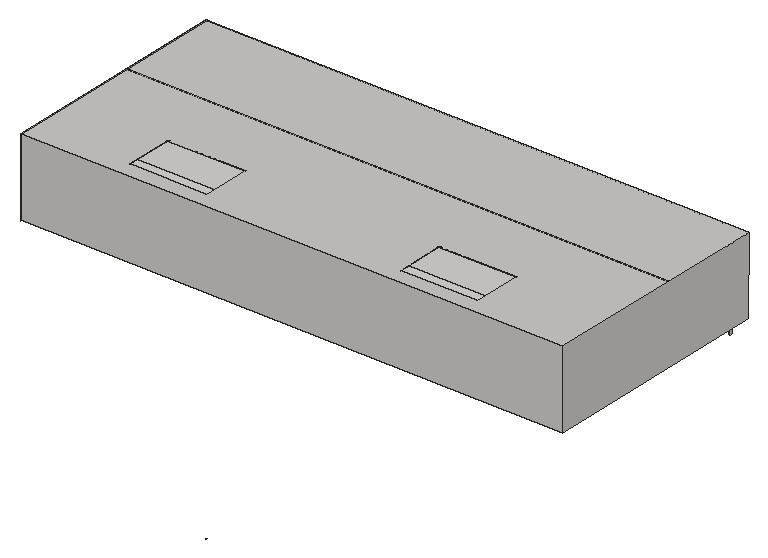
Revit family "QF_ELECTROLUXPROFESSIONAL_643324_DK1228", category Specialty Equipment, Revit 2014
Reference planes
  plane 1: z = 0
  plane 2 "Center (Left/Right)": x = 150
  plane 3 "LEFT": x = -1250
  plane 4 "RIGHT": x = 1550
  plane 5 "BACK": y = 550
  plane 6 "TOP": z = 2400
  plane 7 "Base": z = 2000
  plane 8: z = 1970
  plane 9 "DrainY": y = 450
  plane 10: x = -1247
  plane 11: y = -320
  plane 12: y = -570
  plane 13 "DrainX": x = 1537
  plane 14 "AOLeft2": x = -350
  plane 15 "AORight1": x = 650
  plane 16: x = 1547
  plane 17: x = -1050
  plane 18: x = 1350
  plane 19 "Center (Front/Back)": y = -50
  plane 20 "Front": y = -650
  plane 21: x = 50
  plane 22: x = 250
  plane 23 "AOLeft1": x = -750
  plane 24 "AORight2": x = 1050
Forms (mm)
  Extrusion 1, solid, material "QF_Finishes_Stainless Steel"
    sketch origin (-1250, 0, 360) x (0, 1, 0) y (0, 0, 1)
      loop
        line (550, 1640) -> (550, 2040) -> (-650, 2040) -> (-650, 1640) -> (550, 1640)
    from 0 to 3
  Extrusion 2, solid, material "QF_Finishes_Stainless Steel"
    sketch origin (1550, 0, 360) x (0, 1, 0) y (0, 0, 1)
      loop
        line (550, 1640) -> (550, 2040) -> (-650, 2040) -> (-650, 1640) -> (550, 1640)
    from 0 to -3
  Extrusion 3, solid, material "QF_Finishes_Stainless Steel"
    sketch origin (150, 0, 360) x (0, 1, 0) y (0, 0, 1)
      loop
        line (-650, 2040) -> (-650, 1640) -> (-640, 1640) -> (-640, 1640.8) -> (-649.2, 1640.8) -> (-649.2, 2039.19) -> (549.2, 2039.19) -> (549.2, 1640.8) -> (540, 1640.8) -> (540, 1640) -> (550, 1640) -> (550, 2040) -> (-650, 2040)
    from -1400 to 1400
  Extrusion 4, solid, material "QF_Finishes_Stainless Steel"
    sketch origin (0, 0, 2000) x (0, 1, 0) y (-1, 0, 0)
      loop
        circle (450, -1537) r 4.763
    from -30 to 0
  Extrusion 5, void
    sketch origin (0, 0, 2400) x (0, 1, 0) y (-1, 0, 0)
      loop
        line (-320, 350) -> (-320, 750) -> (-570, 750) -> (-570, 350) -> (-320, 350)
    from 0 to -10
  Extrusion 6, solid, material "QF_Finishes_Stainless Steel"
    sketch origin (0, 0, 0) x (1, 0, 0) y (0, 1, 0)
      loop
        line (-1250, 550) -> (-1250, 549) -> (-1249, 549) -> (-1249, 550) -> (-1250, 550)
    from 0 to 1
  Sweep 7, solid, material "QF_Finishes_Stainless Steel"
    path origin (0, 0, 0) x (1, 0, 0) y (0, 1, 0)
      loop
        line (1550, 550) -> (-1250, 550) -> (-1250, -650) -> (1550, -650) -> (1550, 550)
    profile origin (1550, -50, 0) x (1, 0, 0) y (0, 0, 1)
      loop
        line (-3, 2000) -> (-3, 2000.8) -> (-19, 2000.8) -> (-19, 2010) -> (-20, 2010) -> (-20, 2000) -> (-3, 2000)
  Extrusion 8, solid, material "QF_Finishes_Stainless Steel"
    sketch origin (150, 0, 0) x (0, 1, 0) y (0, 0, 1)
      loop
        line (35, 2399.19) -> (34.2, 2399.19) -> (34.2, 2329.838) -> (-320.309, 2254.485) -> (-614.003, 2066.672) -> (-614.003, 2000.8) -> (-613.203, 2000.8) -> (-613.203, 2066.234) -> (-320, 2253.732) -> (35, 2329.19) -> (35, 2399.19)
    from -1397 to 1397
  Extrusion 9, void
    sketch origin (1134.605, 0, 2400) x (0, 1, 0) y (-1, 0, 0)
      loop
        line (-320, 84.605) -> (-320, 484.605) -> (-570, 484.605) -> (-570, 84.605) -> (-320, 84.605)
    from 0 to -10
Cuts and joins
  Extrusion 5, Extrusion 9 cuts Extrusion 3
  joined: Extrusion 2, Extrusion 3, Sweep 7
Lines and regions (mm)
  symbolic lines, style "SpecialityEquipment", detail levels coarse
    curve 1: line (1550, 550, 2400) -> (-1250, 550, 2400)
    curve 2: line (-1250, 550, 2400) -> (-1250, -650, 2400)
    curve 3: line (1550, -650, 2400) -> (1550, 550, 2400)
    curve 4: line (-1250, 550, 0) -> (1550, -650, 0)
    curve 5: line (1550, 550, 0) -> (-1250, -650, 0)
    curve 6: line (-1250, -650, 0) -> (1550, -650, 0)
    curve 7: line (-350, -320, 0) -> (-750, -320, 0)
    curve 8: line (-350, -570, 0) -> (-350, -320, 0)
    curve 9: line (-750, -570, 0) -> (-350, -570, 0)
    curve 10: line (-750, -320, 0) -> (-750, -570, 0)
    curve 11: line (650, -320, 0) -> (650, -570, 0)
    curve 12: line (1050, -320, 0) -> (650, -320, 0)
    curve 13: line (1050, -570, 0) -> (1050, -320, 0)
    curve 14: line (650, -570, 0) -> (1050, -570, 0)
Dimensions and locks
  plane 3 "LEFT" to plane 4 "RIGHT" = 2800 mm
  equal spacing: plane 3 "LEFT", plane 2 "Center (Left/Right)", plane 4 "RIGHT"
  plane 7 "Base" to plane 8 = 30 mm
  plane 5 "BACK" to plane 9 "DrainY" = 100 mm  (x2)
  plane 3 "LEFT" to plane 10 = 3 mm
  plane 13 "DrainX" to plane 4 "RIGHT" = 13 mm
  plane 16 to plane 4 "RIGHT" = 3 mm
  plane 3 "LEFT" to plane 17 = 200 mm
  plane 18 to plane 4 "RIGHT" = 200 mm
  locked: plane 14 "AOLeft2" to plane 15 "AORight1" at 1000
  equal spacing: plane 14 "AOLeft2", plane 2 "Center (Left/Right)", plane 15 "AORight1"
  locked: plane 7 "Base" to level at 2000
  locked: plane 6 "TOP" to plane 7 "Base" at 400
  plane 5 "BACK" to plane 20 "Front" = 1200 mm  (x2)
  equal spacing: plane 5 "BACK", plane 19 "Center (Front/Back)", plane 20 "Front"
  locked: plane 21 to plane 22 at 200
  equal spacing: plane 21, plane 2 "Center (Left/Right)", plane 22
  plane 12 to plane 20 "Front" = 80 mm
  locked: plane 11 to plane 12 at 250
  locked: plane 23 "AOLeft1" to plane 14 "AOLeft2" at 400
  locked: plane 15 "AORight1" to plane 24 "AORight2" at 400
  aligned and locked: level to plane 1
  aligned and locked: plane 4 "RIGHT" to Extrusion 3
  aligned and locked: Extrusion 3 to plane 3 "LEFT"
  aligned and locked: Extrusion 5 to plane 12
  aligned and locked: Extrusion 5 to plane 11
  aligned and locked: Extrusion 2 to plane 16
  aligned and locked: Extrusion 8 to plane 10
  aligned and locked: plane 16 to Extrusion 8
  aligned and locked: Extrusion 5 to plane 23 "AOLeft1"
  aligned and locked: Extrusion 5 to plane 14 "AOLeft2"
  aligned and locked: plane 24 "AORight2" to Extrusion 9
  aligned and locked: plane 15 "AORight1" to Extrusion 9
Automatic sketch dimensions
  Extrusion 1 sketch curve to plane 7 "Base" = 0 mm
  Extrusion 1 sketch curve to plane 20 "Front" = 0 mm
  Extrusion 1 sketch curve to plane 5 "BACK" = 0 mm
  Extrusion 1 sketch curve to plane 6 "TOP" = 0 mm
  Extrusion 2 sketch curve to plane 7 "Base" = 0 mm
  Extrusion 2 sketch curve to plane 20 "Front" = 0 mm
  Extrusion 2 sketch curve to plane 5 "BACK" = 0 mm
  Extrusion 2 sketch curve to plane 6 "TOP" = 0 mm
  Extrusion 3 sketch curve to plane 6 "TOP" = 0 mm
  Extrusion 3 sketch curve to plane 20 "Front" = 0 mm
  Extrusion 3 sketch curve to plane 7 "Base" = 0 mm  (x2)
  Extrusion 3 sketch curve to plane 5 "BACK" = 0 mm
  plane 20 "Front" to Extrusion 3 sketch curve = 0.8 mm
  Extrusion 3 sketch curve to Extrusion 3 sketch curve = 9.2 mm
  plane 7 "Base" to Extrusion 3 sketch curve = 0.8 mm  (x2)
  Extrusion 3 sketch curve to plane 5 "BACK" = 10 mm
  Extrusion 3 sketch curve to plane 5 "BACK" = 0.8 mm
  Extrusion 3 sketch curve to plane 6 "TOP" = 0.81 mm
  Extrusion 4 sketch curve to plane 9 "DrainY" = 0 mm
  Extrusion 4 sketch curve to plane 13 "DrainX" = 0 mm
  Extrusion 5 sketch curve to plane 12 = 0 mm
  plane 11 to Extrusion 5 sketch curve = 0 mm
  Extrusion 5 sketch curve to plane 14 "AOLeft2" = 0 mm
  Extrusion 5 sketch curve to plane 23 "AOLeft1" = 0 mm
  Extrusion 6 sketch curve to plane 3 "LEFT" = 0 mm
  Extrusion 6 sketch curve to plane 5 "BACK" = 0 mm
  plane 3 "LEFT" to Extrusion 6 sketch curve = 1 mm
  Extrusion 6 sketch curve to Extrusion 6 sketch curve = 1 mm
  Sweep 7 sketch curve to plane 3 "LEFT" = 0 mm
  Sweep 7 sketch curve to plane 4 "RIGHT" = 0 mm
  Sweep 7 sketch curve to plane 20 "Front" = 0 mm
  Sweep 7 sketch curve to plane 5 "BACK" = 0 mm
  profile plane to Sweep 7 sketch curve = 20 mm
  Sweep 7 sketch curve to Sweep 7 sketch curve = 1 mm
  profile plane to Sweep 7 sketch curve = 3 mm
  level to Sweep 7 sketch curve = 2000 mm
  Sweep 7 sketch curve to Sweep 7 sketch curve = 0.8 mm
  Sweep 7 sketch curve to Sweep 7 sketch curve = 9.2 mm
  Extrusion 9 sketch curve to plane 12 = 0 mm
  plane 11 to Extrusion 9 sketch curve = 0 mm
  Extrusion 9 sketch curve to plane 15 "AORight1" = 400 mm
  plane 22 to Extrusion 9 sketch curve = 400 mm
  curve 5 to plane 3 "LEFT" = 0 mm
  curve 4 to plane 3 "LEFT" = 0 mm
  curve 6 to plane 20 "Front" = 0 mm
  curve 5 to plane 4 "RIGHT" = 0 mm
  curve 6 to plane 4 "RIGHT" = 0 mm
  curve 5 to plane 5 "BACK" = 0 mm
  curve 4 to plane 5 "BACK" = 0 mm
  curve 2 to plane 3 "LEFT" = 0 mm
  curve 2 to plane 20 "Front" = 0 mm
  curve 3 to plane 4 "RIGHT" = 0 mm
  curve 3 to plane 20 "Front" = 0 mm
  curve 2 to plane 5 "BACK" = 0 mm
  plane 11 to curve 7 = 0 mm
  curve 7 to plane 23 "AOLeft1" = 0 mm
  curve 8 to plane 12 = 0 mm
  curve 8 to plane 14 "AOLeft2" = 0 mm
  plane 11 to curve 11 = 0 mm
  curve 11 to plane 15 "AORight1" = 0 mm
  curve 12 to plane 24 "AORight2" = 0 mm
  curve 13 to plane 12 = 0 mm
  Extrusion 8 sketch curve to plane 11 = 0 mm
  plane 11 to Extrusion 8 sketch curve = 0.309 mm
  plane 7 "Base" to Extrusion 8 sketch curve = 0.8 mm
  plane 20 "Front" to Extrusion 8 sketch curve = 36.797 mm
  Extrusion 8 sketch curve to Extrusion 8 sketch curve = 0.8 mm  (x2)
  plane 19 "Center (Front/Back)" to Extrusion 8 sketch curve = 84.2 mm
  Extrusion 8 sketch curve to Extrusion 8 sketch curve = 65.434 mm
  Extrusion 8 sketch curve to plane 6 "TOP" = 146.268 mm
  Extrusion 8 sketch curve to Extrusion 8 sketch curve = 0.752 mm
  Extrusion 8 sketch curve to plane 6 "TOP" = 70.81 mm
  Extrusion 8 sketch curve to Extrusion 8 sketch curve = 0.648 mm
  Extrusion 8 sketch curve to Extrusion 8 sketch curve = 0.438 mm
  Extrusion 8 sketch curve to plane 6 "TOP" = 0.81 mm
  radius of Extrusion 4 sketch curve = 4.763 mm
Connectors
  piping at (1537, 450, 1970), diameter 9.5
    settings: on Extrusion 4, index 1, connector inside diameter 609.6 mm, connector length 0 mm, flow factor 0, pipe flow 0.0 L/s, pressure drop 0.0 Pa, fitting loss kfactor 0, connector angle 0.00°, fixture units 0, engagement length 0 mm, angle of deflection 0.00°, flow configuration 1, flow direction 2, fitting loss method 0, system type 16, joint type 0, gender type 0, connector reference index -1, connector utility 0, adjustable connector no, is connector primary yes, connector description "Drain"
  hvac at (-550, -445, 2400)
    settings: on Extrusion 5, index 2, duct flow 0.0 L/s, flow factor 0, pres drop 0.0 Pa, loss coef 0, conn angle 0.00°, conn width 250 mm, conn height 400 mm, conn diameter 609.6 mm, duct sys type 3, conn prof type 1, flow config 1, flow direction 2, loss method 0, conn ref index -1, conn util no, is conn primary yes, conn desc "EXHAUST OUTLET"
  hvac at (850, -445, 2400)
    settings: on Extrusion 9, index 3, duct flow 0.0 L/s, flow factor 0, pres drop 0.0 Pa, loss coef 0, conn angle 0.00°, conn width 250 mm, conn height 400 mm, conn diameter 609.6 mm, duct sys type 3, conn prof type 1, flow config 1, flow direction 2, loss method 0, conn ref index -1, conn util no, is conn primary no, conn desc "EXHAUST OUTLET"
